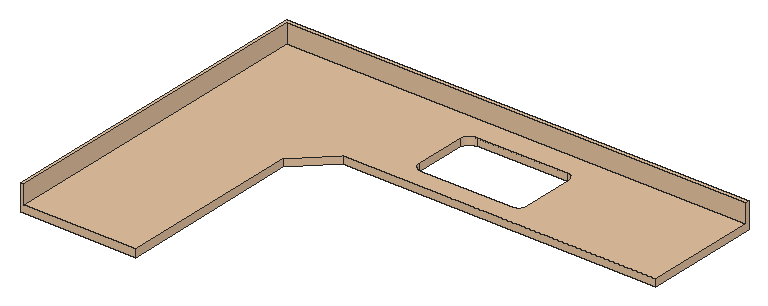
Revit family
Parameters (values of type "600mm Depth")
  Counter Thickness = 40 mm
  Counter Top Material = none
  Depth = 625 mm
  Height [instance] = 900 mm
  Length - Leg 1 [instance] = 2500 mm
  Length - Leg 2 [instance] = 1800 mm
  Sink Location [instance] = 1100 mm
  Sink Location To Wall [instance] = 150 mm
  Sink Opening Depth [instance] = 378 mm
  Sink Opening Width [instance] = 587 mm
  Assembly Code = ""
Reference planes
  plane 1 "Back": y = 0
  plane 2: z = 0
  plane 3 "Left": x = -1200.462
  plane 4 "Right": x = 1299.538
  plane 5 "Front": y = -625
  plane 6 "Top": z = 900
  plane 7: z = 860
  plane 8: y = -19.05
  plane 9: z = 1001.6
  plane 10: x = -575.462
  plane 11: y = -1800
  plane 12: x = -1181.412
  plane 13: x = -397.662
  plane 14: y = -802.8
  plane 15: x = -100.462
  plane 16: x = 486.538
  plane 17: y = -150
  plane 18: y = -528
Forms (mm)
  Extrusion 1, solid, material <- "Counter Top Material"
    sketch origin (0, 0, 0) x (1, 0, 0) y (0, 1, 0)
      loop
        line (-1200.462, 0) -> (-1200.462, -1800) -> (-575.462, -1800) -> (-575.462, -802.8) -> (-397.662, -625) -> (1299.538, -625) -> (1299.538, 0) -> (-1200.462, 0)
      loop
        arc (-50.462, -150) -> (-85.818, -164.645) -> (-100.462, -200) r 50
        line (-100.462, -200) -> (-100.462, -478)
        arc (-100.462, -478) -> (-85.818, -513.355) -> (-50.462, -528) r 50
        line (-50.462, -528) -> (436.538, -528)
        arc (436.538, -528) -> (471.893, -513.355) -> (486.538, -478) r 50
        line (486.538, -478) -> (486.538, -200)
        arc (486.538, -200) -> (471.893, -164.645) -> (436.538, -150) r 50
        line (436.538, -150) -> (-50.462, -150)
    from 860 to 900
  Extrusion 2, solid, material <- "Counter Top Material"
    sketch origin (0, 0, 0) x (1, 0, 0) y (0, 1, 0)
      loop
        line (1299.538, 0) -> (-1200.462, 0) -> (-1200.462, -19.05) -> (1299.538, -19.05) -> (1299.538, 0)
    from 900 to 1001.6
  Extrusion 3, solid, material <- "Counter Top Material"
    sketch origin (0, 0, 0) x (1, 0, 0) y (0, 1, 0)
      loop
        line (-1200.462, -19.05) -> (-1200.462, -1800) -> (-1181.412, -1800) -> (-1181.412, -19.05) -> (-1200.462, -19.05)
    from 900 to 1001.6
Cuts and joins
  joined: Extrusion 1, Extrusion 2, Extrusion 3
Lines and regions (mm)
  Masking region 1
    outline origin (0, 0, 0) x (1, 0, 0) y (0, 1, 0)
      loop
        line (-1200.462, 0) -> (-1200.462, -1800) -> (-575.462, -1800) -> (-575.462, -802.8) -> (-397.662, -625) -> (1299.538, -625) -> (1299.538, 0) -> (-1200.462, 0)
      loop
        arc (-50.462, -150) -> (-85.818, -164.645) -> (-100.462, -200) r 50
        line (-100.462, -200) -> (-100.462, -478)
        arc (-100.462, -478) -> (-85.818, -513.355) -> (-50.462, -528) r 50
        line (-50.462, -528) -> (436.538, -528)
        arc (436.538, -528) -> (471.893, -513.355) -> (486.538, -478) r 50
        line (486.538, -478) -> (486.538, -200)
        arc (486.538, -200) -> (471.893, -164.645) -> (436.538, -150) r 50
        line (436.538, -150) -> (-50.462, -150)
  symbolic lines, style "Counter Top"
    curve 1: line (-1181.412, -19.05, 0) -> (1299.538, -19.05, 0)
    curve 2: line (-1181.412, -1800, 0) -> (-1181.412, -19.05, 0)
Dimensions and locks
  "Depth": plane 5 "Front" to plane 1 "Back"
  "Length - Leg 1": plane 3 "Left" to plane 4 "Right"
  "Height": level to plane 6 "Top"
  "Counter Thickness": plane 7 to plane 6 "Top"
  locked: plane 8 to plane 1 "Back" at 19.05
  plane 6 "Top" to plane 9 = 101.6 mm
  "Depth": plane 3 "Left" to plane 10
  "Length - Leg 2": plane 11 to plane 1 "Back"
  locked: plane 3 "Left" to plane 12 at 19.05
  locked: plane 14 to plane 5 "Front" at 177.8
  locked: plane 10 to plane 13 at 177.8
  "Sink Location To Wall": plane 17 to plane 1 "Back"
  "Sink Opening Depth": plane 17 to plane 18
  "Sink Location": plane 3 "Left" to plane 15
  "Sink Opening Width": plane 15 to plane 16
  aligned and locked: plane 1 "Back" to Extrusion 1 sketch curve
  aligned and locked: plane 4 "Right" to Extrusion 1 sketch curve
  aligned and locked: Extrusion 1 sketch curve to plane 5 "Front"
  aligned and locked: Extrusion 1 sketch curve to plane 3 "Left"
  aligned and locked: Extrusion 1 to plane 6 "Top"
  aligned and locked: Extrusion 1 to plane 7
  aligned and locked: Extrusion 2 sketch curve to plane 1 "Back"
  aligned and locked: plane 8 to Extrusion 2 sketch curve
  aligned and locked: Extrusion 2 sketch curve to plane 4 "Right"
  aligned and locked: plane 3 "Left" to Extrusion 2 sketch curve
  aligned and locked: Extrusion 2 to plane 9
  aligned and locked: plane 6 "Top" to Extrusion 2
  aligned and locked: plane 10 to Extrusion 1 sketch curve
  aligned and locked: plane 11 to Extrusion 1 sketch curve
  aligned and locked: plane 12 to Extrusion 3 sketch curve
  aligned and locked: Extrusion 3 to plane 8
  aligned and locked: plane 3 "Left" to Extrusion 3
  aligned and locked: Extrusion 3 to plane 9
  aligned and locked: plane 6 "Top" to Extrusion 3
  aligned and locked: Extrusion 1 sketch curve to plane 17
  aligned and locked: Extrusion 1 sketch curve to plane 18
  aligned and locked: Extrusion 1 sketch curve to plane 16
  aligned and locked: Extrusion 1 sketch curve to plane 15
Automatic sketch dimensions
  plane 3 "Left" to Extrusion 3 sketch curve = 0 mm
  plane 11 to Extrusion 3 sketch curve = 0 mm
  plane 1 "Back" to Extrusion 3 sketch curve = 19.05 mm
  curve 2 to plane 8 = 0 mm
  curve 2 to plane 11 = 0 mm
  curve 1 to plane 4 "Right" = 0 mm
  curve 1 to plane 3 "Left" = 19.05 mm
  Extrusion 1 sketch curve to plane 13 = 0 mm
  Extrusion 1 sketch curve to plane 14 = 0 mm
  plane 15 to Extrusion 1 sketch curve = 50 mm  (x2)
  Extrusion 1 sketch curve to plane 16 = 50 mm
  Extrusion 1 sketch curve to Extrusion 1 sketch curve = 50 mm
  Masking region 1 sketch curve to plane 1 "Back" = 0 mm
  Masking region 1 sketch curve to plane 4 "Right" = 0 mm
  Masking region 1 sketch curve to plane 10 = 0 mm
  Masking region 1 sketch curve to plane 5 "Front" = 0 mm
  Masking region 1 sketch curve to plane 13 = 0 mm
  Masking region 1 sketch curve to plane 14 = 0 mm
  Masking region 1 sketch curve to plane 11 = 0 mm
  Masking region 1 sketch curve to plane 3 "Left" = 0 mm
  plane 8 to Masking region 1 sketch curve = 130.95 mm
  Masking region 1 sketch curve to Masking region 1 sketch curve = 487 mm
  Masking region 1 sketch curve to plane 13 = 297.2 mm
  Masking region 1 sketch curve to Masking region 1 sketch curve = 50 mm  (x3)
  Masking region 1 sketch curve to plane 5 "Front" = 97 mm
  Masking region 1 sketch curve to Masking region 1 sketch curve = 0 mm
